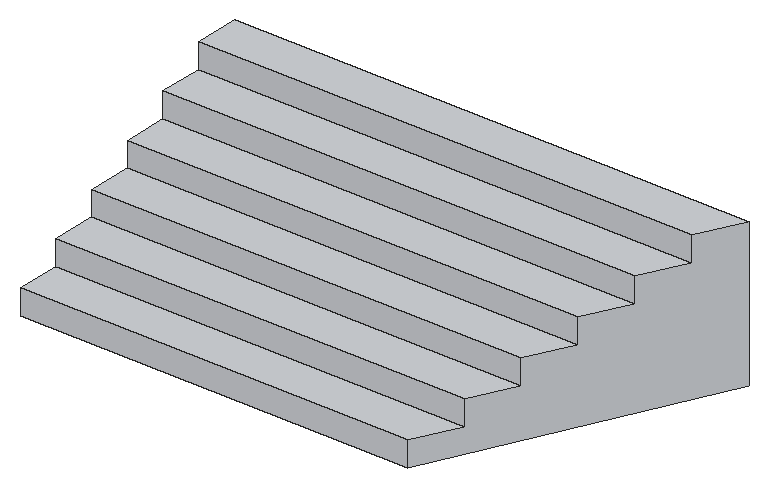
Revit family
Parameters
  xINIZIOrampa = 2.354859 m
  profondita' = 6 * c_PEDATA  # 1.800 m
  bloccoCOMPLESSIVO = 4.000 m
  dislivello = 0.990 m
  c_PEDATA = 0.630 m - (c_ALZATA * 2)  # 0.300 m
  c_BETA = 90.00° - (acos(c_PEDATA / sqrt(c_PEDATA ^ 2 + c_ALZATA ^ 2)) - 3.50°)  # 64.6892°
  c_ALZATA = (dislivello + (DIFdaCOMPENSARE * (6 - 1))) / 6  # 0.165 m
  DIFdaCOMPENSARE = 0.000 m
Reference planes (m)
  plane 1 "Center (Front/Back)": y = 0
  plane 2: z = 0
  plane 3 "Center (Left/Right)": x = 0
  plane 4: z = 0.165
  plane 5: z = 0.165
  plane 6: z = 0.33
  plane 7: z = 0.33
  plane 8: z = 0.495
  plane 9: z = 0.495
  plane 10: z = 0.66
  plane 11: z = 0.66
  plane 12: z = 0.825
  plane 13: z = 0.825
  plane 14: z = 0.99
  plane 15: y = -0.3
  plane 16: y = -0.6
  plane 17: y = -0.9
  plane 18: y = -1.2
  plane 19: y = -1.5
  plane 20: y = -1.8
  plane 21: through (2.380175, -2.275235, 1.2) normal (-0.904, 0.4275, 0)
  plane 22: x = 4
  plane 23: through (0, -1.8, 1.2) normal (-0.904, 0.4275, 0)
Forms (m)
  Extrusion 1, solid
    sketch origin (0, 0, 0) x (0, 1, 0) y (0, 0, 1)
      loop
        line (0, 0.99) -> (-0.3, 0.99) -> (-0.3, 0.825) -> (-0.6, 0.825) -> (-0.6, 0.66) -> (-0.9, 0.66) -> (-0.9, 0.495) -> (-1.2, 0.495) -> (-1.2, 0.33) -> (-1.5, 0.33) -> (-1.5, 0.165) -> (-1.8, 0.165) -> (-1.8, 0) -> (0, 0) -> (0, 0.99)
    from 0 to 4
  Extrusion 2, void
    sketch origin (0, 0, 0) x (1, 0, 0) y (0, 1, 0)
      loop
        line (2.604927, -1.8) -> (4, -1.8) -> (4, 0) -> (3.456198, 0) -> (2.604927, -1.8)
    from 0 to 0.99
Cuts and joins
  Extrusion 2 cuts Extrusion 1
Dimensions and locks (m)
  "c_ALZATA": plane 4 to level
  "DIFdaCOMPENSARE": plane 5 to plane 4
  "c_ALZATA": plane 5 to plane 6
  "c_ALZATA": plane 8 to plane 7
  "DIFdaCOMPENSARE": plane 7 to plane 6
  "DIFdaCOMPENSARE": plane 9 to plane 8
  "c_ALZATA": plane 10 to plane 9
  "DIFdaCOMPENSARE": plane 10 to plane 11
  "c_ALZATA": plane 12 to plane 11
  "DIFdaCOMPENSARE": plane 12 to plane 13
  "c_ALZATA": plane 14 to plane 13
  "c_PEDATA": plane 1 "Center (Front/Back)" to plane 15
  "c_PEDATA": plane 15 to plane 16
  "c_PEDATA": plane 16 to plane 17
  "c_PEDATA": plane 17 to plane 18
  "c_PEDATA": plane 18 to plane 19
  "c_PEDATA": plane 19 to plane 20
  "bloccoCOMPLESSIVO": plane 3 "Center (Left/Right)" to plane 22
  "xINIZIOrampa": plane 23 to plane 21
  "c_BETA": angle plane 20 to plane 21
  "c_BETA": angle plane 20 to plane 23
  aligned and locked: level to plane 2
  aligned and locked: Extrusion 1 to plane 1 "Center (Front/Back)"
  aligned and locked: Extrusion 1 to plane 2
  aligned and locked: plane 4 to Extrusion 1
  aligned and locked: Extrusion 1 to plane 19
  aligned and locked: plane 20 to Extrusion 1
  aligned and locked: plane 6 to Extrusion 1
  aligned and locked: plane 18 to Extrusion 1
  aligned and locked: plane 8 to Extrusion 1
  aligned and locked: plane 17 to Extrusion 1
  aligned and locked: Extrusion 1 to plane 10
  aligned and locked: Extrusion 1 to plane 16
  aligned and locked: Extrusion 1 to plane 12  (x2)
  aligned and locked: plane 15 to Extrusion 1
  aligned and locked: Extrusion 1 to plane 14  (x2)
  aligned and locked: Extrusion 2 sketch curve to plane 21
  aligned and locked: Extrusion 2 to plane 14
  aligned and locked: level to Extrusion 2
  aligned and locked: Extrusion 2 sketch curve to plane 22
  aligned and locked: Extrusion 1 to Extrusion 2
Automatic sketch dimensions
  Extrusion 1 sketch curve to plane 4 = 0.000 m
  Extrusion 1 sketch curve to plane 20 = 0.000 m
  Extrusion 1 sketch curve to plane 6 = 0.000 m
  Extrusion 1 sketch curve to plane 19 = 0.000 m
  Extrusion 1 sketch curve to plane 8 = 0.000 m
  Extrusion 1 sketch curve to plane 18 = 0.000 m
  plane 10 to Extrusion 1 sketch curve = 0.000 m
  Extrusion 1 sketch curve to plane 17 = 0.000 m
  Extrusion 1 sketch curve to plane 16 = 0.000 m
  plane 14 to Extrusion 1 sketch curve = 0.000 m
  Extrusion 1 sketch curve to plane 15 = 0.000 m
  Extrusion 1 sketch curve to level = 0.000 m
  Extrusion 1 sketch curve to plane 1 "Center (Front/Back)" = 0.000 m
  plane 12 to Extrusion 1 sketch curve = 0.000 m
  Extrusion 2 sketch curve to plane 1 "Center (Front/Back)" = 0.000 m
  plane 20 to Extrusion 2 sketch curve = 0.000 m
